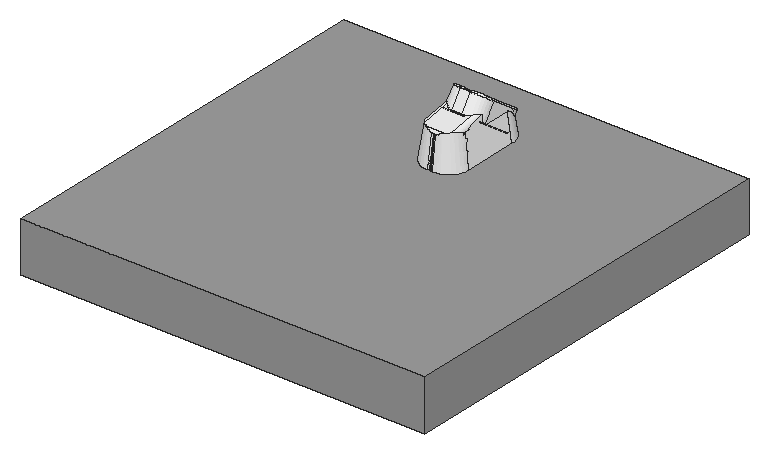
Revit family
Parameters
  Width = 275 mm  # constant formula
  Waste Connection Radius = Waste Connection Diameter / 2  # 27.5 mm
  Waste Connection = 1 = 1  # yes
  Vent Connection = 1 = 0  # no
  URL = "www.vaalsan.co.za"
  Product Code = "705126/705127"
  Omniclass Title = "Urinals"
  Omniclass Number = "23.45.05.21.11.21"
  Model = "Sweetpea Top/Back Inlet Wall Hung Bowl Urinal"
  Manufacturer = "Vaal Sanitaryware"  # constant formula
  Depth = 310 mm  # constant formula
  Height Top To Finish Floor = 912 mm
  Height = 565 mm  # constant formula
  HW Connection = 1 = 0  # no
  Family created by = "www.revitbuilt.com"
  Default Elevation = 0 mm
  Cold Water Connection Diameter = 40 mm  # constant formula
  Waste Connection Diameter = 55 mm  # constant formula
  CW Connection Radius = Cold Water Connection Diameter / 2  # 20 mm
  CW Connection = 1 = 1  # yes
  Body Finish = Vitreous China-Vaal-White
  Assembly Code = "D2010210"
Reference planes
  plane 1 "FF": y = 0
  plane 2: z = 0
  plane 3 "Center (Left/Right)": x = 0
  plane 4: z = 0
  plane 5 "Top": y = 912
  plane 6 "45 2": through (-1219.2, -1219.2, 0) normal (-0.5, -0.5, 0.7071)
  plane 7 "Bottom": y = 347
  plane 8: x = -137.5
  plane 9: x = 137.5
Forms (mm)
  Extrusion 1, solid
    sketch origin (0, 0, 0) x (1, 0, 0) y (0, 1, 0)
      loop
        line (-1219.2, 1219.2) -> (-1219.2, -1219.2) -> (1219.2, -1219.2) -> (1219.2, 1219.2) -> (-1219.2, 1219.2)
    from 0 to -304.8
  Extrusion 2, void
    sketch origin (0, 912, 0) x (0, 0, 1) y (-1, 0, 0)
      loop
        circle (45, 0) r 20
    from 5 to 10
  Extrusion 3, void
    sketch origin (0, 0, 0) x (1, 0, 0) y (0, 1, 0)
      loop
        circle (0, 825) r 20
    from 0 to 5
Lines and regions (mm)
  symbolic lines, style "Urinal"
    curve 1: line (-137.5, 0, 0) -> (137.5, 0, 0)
Dimensions and locks
  "Height Top To Finish Floor": plane 1 "FF" to plane 5 "Top"
  locked: connector elem to plane 3 "Center (Left/Right)" at 0  (x3)
  locked: connector elem to level at 45
  equal spacing: plane 8, plane 3 "Center (Left/Right)", plane 9
  locked: plane 8 to plane 9 at 275
  locked: plane 7 "Bottom" to plane 5 "Top" at 565
  locked: plane 7 "Bottom" to Extrusion 3 sketch curve at 478
  locked: plane 7 "Bottom" to connector elem at 133
  locked: plane 7 "Bottom" to connector elem at 478
  aligned and locked: plane 2 to Extrusion 1
  aligned and locked: level to Extrusion 1
  aligned and locked: nested 1 to plane 4
  aligned and locked: nested 1 to plane 7 "Bottom"
  aligned and locked: plane 8 to curve 1
  aligned and locked: plane 1 "FF" to curve 1
Automatic sketch dimensions
  Extrusion 1 sketch curve to Extrusion 1 sketch curve = 2438.4 mm  (x2)
  Extrusion 2 sketch curve to plane 3 "Center (Left/Right)" = 0 mm
  level to Extrusion 2 sketch curve = 45 mm
  Extrusion 3 sketch curve to plane 3 "Center (Left/Right)" = 0 mm
  curve 1 to plane 9 = 0 mm
  radius of Extrusion 2 sketch curve = 20 mm
  radius of Extrusion 3 sketch curve = 20 mm
Nested families
  nested 1: "Vaal-Sweetpea" at (0, 0, 0) x (1, 0, 0) z (0, 1, 0), type "Vaal-Sweetpea"
Connectors
  piping at (0, 907, 45), driven by "CW Connection Radius"
    settings: on Extrusion 2, index 3
  piping at (0, 480, 0), driven by "Waste Connection Radius"
    settings: on Extrusion 3, index 4
  piping at (0, 825, 0), driven by "CW Connection Radius"
    settings: on Extrusion 3, index 5
Definition of nested family "Vaal-Sweetpea"
  Parameters
    Waste Connection Radius = 27.5 mm
    Height Top to Finish Floor = 912 mm
    Default Elevation = 0 mm
    CW Connection Radius = 20 mm
    Body Finish = Vitreous China-Vaal-White
  Reference planes
    plane 1 "Back": y = 0
    plane 2 "Bottom": z = 0
    plane 3 "Center (Left/Right)": x = 0
    plane 4 "Front": y = -310
    plane 5 "Right": x = 137.5
    plane 6 "Left": x = -137.5
    plane 7 "Top": z = 912
    plane 8: z = 347
    plane 9: z = 627
    plane 10 "S": y = -115
    plane 11 "D2": y = -150
    plane 12 "D": y = -190
  Forms (mm)
    Extrusion 1, solid, material "Vitreous China-Vaal-White" <- "Body Finish"
      sketch origin (0, 0, 0) x (1, 0, 0) y (0, 0, 1)
        loop
          line (-137.5, 912) -> (-137.5, 347) -> (137.5, 347) -> (137.5, 912) -> (-137.5, 912)
      from 0 to 310
    SweptBlend 2, void
      path origin (0, 0, 0) x (0, 1, 0) y (0, 0, 1)
        loop
          line (0, 629.5) -> (-310, 629.5)
      profile origin (0, 0, 629.5) x (0, 0, -1) y (1, 0, 0)
        loop
          line (-282.5, -17.5) -> (-282.5, 17.5)
          arc (-282.5, 17.5) -> (-247.353, 102.353) -> (-162.5, 137.5) r 120
          line (-162.5, 137.5) -> (162.5, 137.5)
          arc (162.5, 137.5) -> (247.353, 102.353) -> (282.5, 17.5) r 120
          line (282.5, 17.5) -> (282.5, 2) -> (302.5, 2) -> (302.5, 157.5) -> (-302.5, 157.5) -> (-302.5, -157.5) -> (302.5, -157.5) -> (302.5, -2) -> (282.5, -2) -> (282.5, -17.5)
          arc (282.5, -17.5) -> (247.353, -102.353) -> (162.5, -137.5) r 120
          line (162.5, -137.5) -> (-162.5, -137.5)
          arc (-162.5, -137.5) -> (-247.353, -102.353) -> (-282.5, -17.5) r 120
      end profile origin (0, -310, 629.5) x (0, 0, -1) y (1, 0, 0)
        loop
          line (-302.5, 157.5) -> (-302.5, -157.5) -> (302.5, -157.5) -> (302.5, -2) -> (237.5, -2) -> (237.5, -7.5)
          arc (237.5, -7.5) -> (212.604, -67.604) -> (152.5, -92.5) r 85
          line (152.5, -92.5) -> (-157.5, -92.5)
          arc (-157.5, -92.5) -> (-217.604, -67.604) -> (-242.5, -7.5) r 85
          line (-242.5, -7.5) -> (-242.5, 7.5)
          arc (-242.5, 7.5) -> (-217.604, 67.604) -> (-157.5, 92.5) r 85
          line (-157.5, 92.5) -> (152.5, 92.5)
          arc (152.5, 92.5) -> (212.604, 67.604) -> (237.5, 7.5) r 85
          line (237.5, 7.5) -> (237.5, 2) -> (302.5, 2) -> (302.5, 157.5) -> (-302.5, 157.5)
    Extrusion 3, void
      sketch origin (0, 0, 0) x (0, 1, 0) y (0, 0, 1)
        loop
          line (-109.444, 901.171) -> (-284.179, 875.599) -> (-320, 875.599) -> (-320, 337.912) -> (45.759, 284.775) -> (53.633, 338.974) -> (-183.799, 373.468)
          arc (-183.799, 373.468) -> (-194.88, 378.935) -> (-200.634, 389.87) r 20
          line (-200.634, 389.87) -> (-240.518, 621.758) -> (-287.598, 655.963) -> (-109.444, 901.171)
      from 500 to -500
    Sweep 4, solid, material "Vitreous China-Vaal-White" <- "Body Finish"
      path origin (0, -120.28, 886.256) x (0, -0.587785, -0.809017) y (1, 0, 0)
        loop
          line (-7.229, 30) -> (-7.229, -30)
          arc (-7.229, -30) -> (13.273, -79.497) -> (62.771, -100) r 70
          line (62.771, -100) -> (252.771, -100)
          arc (252.771, -100) -> (302.268, -79.497) -> (322.771, -30) r 70
          line (322.771, -30) -> (322.771, 30)
          arc (322.771, 30) -> (302.268, 79.497) -> (252.771, 100) r 70
          line (252.771, 100) -> (62.771, 100)
          arc (62.771, 100) -> (13.273, 79.497) -> (-7.229, 30) r 70
      profile origin (0, -116.031, 892.105) x (0, -0.587785, -0.809017) y (0, -0.809017, 0.587785)
        loop
          arc (0, 0) -> (-6.5, 6.5) -> (-13, 0) r 6.5
          line (-13, 0) -> (-13, -117.937) -> (28.082, -117.937)
          arc (28.082, -117.937) -> (7.117, -60.617) -> (0, 0) r 261.696
    Extrusion 5, void
      sketch origin (0, -222.458, 516.757) x (0, 0.985529, 0.169509) y (1, 0, 0)
        loop
          arc (0, 80) -> (8.787, 101.213) -> (30, 110) r 30
          line (30, 110) -> (-15, 110) -> (-15, -110) -> (30, -110)
          arc (30, -110) -> (8.787, -101.213) -> (0, -80) r 30
          line (0, -80) -> (0, 80)
      from 107.591 to -109.563
    Sweep 6, void
      path origin (0, -120.28, 886.256) x (0, -0.587785, -0.809017) y (1, 0, 0)
        loop
          line (-7.229, 30) -> (-7.229, -30)
          arc (-7.229, -30) -> (13.273, -79.497) -> (62.771, -100) r 70
          line (62.771, -100) -> (252.771, -100)
          arc (252.771, -100) -> (302.268, -79.497) -> (322.771, -30) r 70
          line (322.771, -30) -> (322.771, 30)
          arc (322.771, 30) -> (302.268, 79.497) -> (252.771, 100) r 70
          line (252.771, 100) -> (62.771, 100)
          arc (62.771, 100) -> (13.273, 79.497) -> (-7.229, 30) r 70
      profile origin (0, -116.031, 892.105) x (0, -0.587785, -0.809017) y (0, -0.809017, 0.587785)
        loop
          arc (0, 0) -> (11.2, -75.742) -> (43.843, -145) r 261.696
          line (43.843, -145) -> (50, -145) -> (50, 0) -> (0, 0)
    Extrusion 7, void
      sketch origin (0, -115, 893.524) x (0, -0.587785, -0.809017) y (1, 0, 0)
        loop
          arc (261.754, -53) -> (278.017, -46.263) -> (284.754, -30) r 23
          line (284.754, -30) -> (284.754, 30)
          arc (284.754, 30) -> (278.017, 46.263) -> (261.754, 53) r 23
          line (261.754, 53) -> (71.754, 53)
          arc (71.754, 53) -> (55.49, 46.263) -> (48.754, 30) r 23
          line (48.754, 30) -> (48.754, -30)
          arc (48.754, -30) -> (55.49, -46.263) -> (71.754, -53) r 23
          line (71.754, -53) -> (261.754, -53)
      from 0 to -144.726
    Extrusion 8, solid, material "Vitreous China-Vaal-White" <- "Body Finish"
      sketch origin (0, 0, 0) x (1, 0, 0) y (0, 0, 1)
        loop
          line (20, 893.524) -> (-20, 893.524)
          arc (-20, 893.524) -> (-76.569, 870.092) -> (-100, 813.524) r 80
          line (-100, 813.524) -> (-100, 657)
          arc (-100, 657) -> (-76.569, 600.431) -> (-20, 577) r 80
          line (-20, 577) -> (20, 577)
          arc (20, 577) -> (76.569, 600.431) -> (100, 657) r 80
          line (100, 657) -> (100, 813.524)
          arc (100, 813.524) -> (76.569, 870.092) -> (20, 893.524) r 80
      from 198.081 to 89.555
    Extrusion 9, void
      sketch origin (0, 0, 0) x (0, 1, 0) y (0, 0, 1)
        loop
          line (-115, 893.524) -> (-198.081, 893.524) -> (-198.081, 689.854) -> (-130.279, 783.176)
          arc (-130.279, 783.176) -> (-118.915, 805.477) -> (-115, 830.199) r 80
          line (-115, 830.199) -> (-115, 893.524)
      from -101 to 101
    Extrusion 10, void
      sketch origin (0, 0, 0) x (1, 0, 0) y (0, 1, 0)
        loop
          line (-94.5, -231.712) -> (94.5, -231.712) -> (94.5, -215.581)
          arc (94.5, -215.581) -> (0, -121.081) -> (-94.5, -215.581) r 94.5
          line (-94.5, -215.581) -> (-94.5, -231.712)
      from 577 to 823.508
    Revolve 11, solid, material "Vitreous China-Vaal-White" <- "Body Finish"
      sketch origin (0, -190, 16.549) x (1, 0, 0) y (0, 0, 1)
        loop
          line (0, 572.922) -> (0, 567.921)
          arc (0, 567.921) -> (50.83, 572.604) -> (99.473, 588.078) r 236.675
          arc (99.473, 588.078) -> (100.749, 591.375) -> (97.452, 592.651) r 2.5
          arc (97.452, 592.651) -> (49.797, 577.497) -> (0, 572.922) r 231.675
        axis (0, 592.651) -> (0, 567.921)
      angle from 0 to 360
    Extrusion 12, solid, material "Chrome"
      sketch origin (0, -115, 0) x (1, 0, 0) y (0, 0, 1)
        loop
          line (17.5, 832.249) -> (7.249, 842.5) -> (-7.249, 842.5) -> (-17.5, 832.249) -> (-17.5, 817.751) -> (-7.249, 807.5) -> (7.249, 807.5) -> (17.5, 817.751) -> (17.5, 832.249)
      from 0 to 10
    Blend 13, solid, material "Chrome"
      base sketch origin (0, -115, 0) x (1, 0, 0) y (0, 0, 1)
        loop
          line (7.249, 842.5) -> (-7.249, 842.5) -> (-17.5, 832.249) -> (-17.5, 817.751) -> (-7.249, 807.5) -> (7.249, 807.5) -> (17.5, 817.751) -> (17.5, 832.249) -> (7.249, 842.5)
      top sketch origin (0, -115, 0) x (1, 0, 0) y (0, 0, 1)
        loop
          line (-4.763, 836.5) -> (-11.5, 829.763) -> (-11.5, 820.237) -> (-4.763, 813.5) -> (4.763, 813.5) -> (11.5, 820.237) -> (11.5, 829.763) -> (4.763, 836.5) -> (-4.763, 836.5)
      from 10 to 17.5
    Revolve 14, solid, material "Chrome"
      sketch origin (0, 2.563, 10.868) x (0, 1, 0) y (0, 0, 1)
        loop
          line (-190, 585.103) -> (-190, 586.104) -> (-221.182, 584.861) -> (-221.84, 581.132) -> (-220.855, 580.958) -> (-220.338, 583.893) -> (-190, 585.103)
        axis (-190, 580.958) -> (-190, 586.104)
      angle from 0 to 360
    Extrusion 15, void
      sketch origin (0, 0, 0) x (1, 0, 0) y (0, 1, 0)
        loop
          arc (3.766, -159.507) -> (0.095, -159.254) -> (-3.577, -159.482) r 28.182
          line (-3.577, -159.482) -> (-1.619, -174.354)
          arc (-1.619, -174.354) -> (0.095, -174.254) -> (1.808, -174.379) r 13.182
          line (1.808, -174.379) -> (3.766, -159.507)
        loop
          arc (-3.591, -215.389) -> (0.095, -215.619) -> (3.78, -215.365) r 28.182
          line (3.78, -215.365) -> (1.822, -200.493)
          arc (1.822, -200.493) -> (0.095, -200.619) -> (-1.634, -200.518) r 13.182
          line (-1.634, -200.518) -> (-3.591, -215.389)
        loop
          line (-27.947, -191.074) -> (-13.075, -189.116)
          arc (-13.075, -189.116) -> (-13.182, -187.383) -> (-13.061, -185.65) r 13.182
          line (-13.061, -185.65) -> (-27.933, -183.692)
          arc (-27.933, -183.692) -> (-28.182, -187.383) -> (-27.947, -191.074) r 28.182
        loop
          arc (-17.122, -209.821) -> (-14.043, -211.871) -> (-10.722, -213.5) r 28.182
          line (-10.722, -213.5) -> (-4.982, -199.641)
          arc (-4.982, -199.641) -> (-6.543, -198.881) -> (-7.991, -197.921) r 13.182
          line (-7.991, -197.921) -> (-17.122, -209.821)
        loop
          arc (22.42, -204.512) -> (24.454, -201.446) -> (26.07, -198.141) r 28.182
          line (26.07, -198.141) -> (12.212, -192.401)
          arc (12.212, -192.401) -> (11.463, -193.946) -> (10.52, -195.381) r 13.182
          line (10.52, -195.381) -> (22.42, -204.512)
        loop
          arc (-26.042, -198.209) -> (-24.406, -201.529) -> (-22.349, -204.605) r 28.182
          line (-22.349, -204.605) -> (-10.449, -195.474)
          arc (-10.449, -195.474) -> (-11.416, -194.029) -> (-12.184, -192.469) r 13.182
          line (-12.184, -192.469) -> (-26.042, -198.209)
        loop
          arc (-10.684, -161.358) -> (-13.997, -162.975) -> (-17.07, -165.012) r 28.182
          line (-17.07, -165.012) -> (-7.938, -176.912)
          arc (-7.938, -176.912) -> (-6.496, -175.966) -> (-4.944, -175.216) r 13.182
          line (-4.944, -175.216) -> (-10.684, -161.358)
        loop
          arc (27.95, -191.049) -> (28.182, -187.383) -> (27.936, -183.717) r 28.182
          line (27.936, -183.717) -> (13.064, -185.675)
          arc (13.064, -185.675) -> (13.182, -187.383) -> (13.078, -189.091) r 13.182
          line (13.078, -189.091) -> (27.95, -191.049)
        loop
          line (5.146, -199.573) -> (10.886, -213.432)
          arc (10.886, -213.432) -> (14.186, -211.789) -> (17.243, -209.729) r 28.182
          line (17.243, -209.729) -> (8.111, -197.828)
          arc (8.111, -197.828) -> (6.686, -198.798) -> (5.146, -199.573) r 13.182
        loop
          arc (10.468, -179.424) -> (11.417, -180.846) -> (12.174, -182.379) r 13.182
          line (12.174, -182.379) -> (26.032, -176.639)
          arc (26.032, -176.639) -> (24.407, -173.346) -> (22.368, -170.292) r 28.182
          line (22.368, -170.292) -> (10.468, -179.424)
        loop
          line (8.059, -177.004) -> (17.19, -165.104)
          arc (17.19, -165.104) -> (14.139, -163.058) -> (10.847, -161.425) r 28.182
          line (10.847, -161.425) -> (5.107, -175.284)
          arc (5.107, -175.284) -> (6.639, -176.048) -> (8.059, -177.004) r 13.182
        loop
          line (-10.396, -179.331) -> (-22.297, -170.2)
          arc (-22.297, -170.2) -> (-24.36, -173.264) -> (-26.004, -176.571) r 28.182
          line (-26.004, -176.571) -> (-12.146, -182.312)
          arc (-12.146, -182.312) -> (-11.369, -180.764) -> (-10.396, -179.331) r 13.182
      from 590 to 600
  Cuts and joins
    SweptBlend 2, Extrusion 3, Extrusion 5, Sweep 6, Extrusion 7, Extrusion 9 cuts Extrusion 1
    Extrusion 9, Extrusion 10 cuts Extrusion 8
    joined: Extrusion 12, Blend 13
    Extrusion 15 cuts Revolve 14
  Lines and regions (mm)
    Masking region 1
      outline origin (0, 0, 0) x (1, 0, 0) y (0, 1, 0)
        loop
          arc (-137.5, 0) -> (-124.989, -132.728) -> (-99.088, -263.504) r 1313.552
          arc (-99.088, -263.504) -> (-73.493, -297.207) -> (-33.152, -310) r 70
          line (-33.152, -310) -> (33.152, -310)
          arc (33.152, -310) -> (73.493, -297.207) -> (99.088, -263.504) r 70
          arc (99.088, -263.504) -> (124.989, -132.728) -> (137.5, 0) r 1313.552
          line (137.5, 0) -> (-137.5, 0)
    Masking region 2
      outline origin (0, 0, 0) x (1, 0, 0) y (0, 0, 1)
        loop
          arc (-27.5, 912) -> (-105.282, 879.782) -> (-137.5, 802) r 110
          line (-137.5, 802) -> (-137.5, 457)
          arc (-137.5, 457) -> (-105.282, 379.218) -> (-27.5, 347) r 110
          line (-27.5, 347) -> (27.5, 347)
          arc (27.5, 347) -> (105.282, 379.218) -> (137.5, 457) r 110
          line (137.5, 457) -> (137.5, 802)
          arc (137.5, 802) -> (105.282, 879.782) -> (27.5, 912) r 110
          line (27.5, 912) -> (-27.5, 912)
    Masking region 3
      outline origin (0, 0, 0) x (0, 1, 0) y (0, 0, 1)
        loop
          line (0, 912) -> (-99.255, 899.193)
          arc (-99.255, 899.193) -> (-110.722, 895.241) -> (-119.687, 887.073) r 30
          line (-119.687, 887.073) -> (-309.776, 625.437)
          arc (-309.776, 625.437) -> (-311.563, 617.995) -> (-307.564, 611.469) r 10
          line (-307.564, 611.469) -> (-238.777, 561.492)
          arc (-238.777, 561.492) -> (-230.849, 552.925) -> (-226.79, 541.98) r 30
          line (-226.79, 541.98) -> (-203.628, 397.815)
          arc (-203.628, 397.815) -> (-195.06, 381.2) -> (-178.317, 372.885) r 30
          line (-178.317, 372.885) -> (0, 347) -> (0, 912)
    reference lines
      curve 1: line (0, -115, 893.524) -> (0, -310, 625.129)
    symbolic lines, style "Urinal"
      curve 2: line (-99.268, -175, 0) -> (-99.268, -250, 0)
      curve 3: line (39.268, -115, 0) -> (-39.268, -115, 0)
      curve 4: line (99.268, -175, 0) -> (99.268, -250, 0)
      curve 5: arc (-93.954, -274.687, 0) -> (-97.924, -262.626, 0) -> (-99.268, -250, 0) r 60
      curve 6: arc (99.268, -175, 0) -> (81.694, -132.574, 0) -> (39.268, -115, 0) r 60
      curve 7: arc (-39.268, -115, 0) -> (-81.694, -132.574, 0) -> (-99.268, -175, 0) r 60
      curve 8: arc (93.954, -274.687, 0) -> (97.924, -262.626, 0) -> (99.268, -250, 0) r 60
      curve 9: line (-86.768, -162.5, 0) -> (-86.768, -250, 0)
      curve 10: arc (-39.268, -115, 0) -> (-72.855, -128.912, 0) -> (-86.768, -162.5, 0) r 47.5
      curve 11: arc (-39.268, -297.5, 0) -> (-72.855, -283.588, 0) -> (-86.768, -250, 0) r 47.5
      curve 12: line (86.768, -162.5, 0) -> (86.768, -250, 0)
      curve 13: arc (39.268, -115, 0) -> (72.855, -128.912, 0) -> (86.768, -162.5, 0) r 47.5
      curve 14: arc (39.268, -297.5, 0) -> (72.855, -283.588, 0) -> (86.768, -250, 0) r 47.5
      curve 15: line (-39.268, -297.5, 0) -> (39.268, -297.5, 0)
      curve 18: line (33, -115, 893.524) -> (-33, -115, 893.524)
      curve 19: line (-33, -115, 612.439) -> (33, -115, 612.439)
      curve 20: line (-113, -115, 813.524) -> (-113, -115, 692.439)
      curve 21: line (113, -115, 813.524) -> (113, -115, 692.439)
      curve 22: arc (-33, -115, 893.524) -> (-89.569, -115, 870.092) -> (-113, -115, 813.524) r 80
      curve 23: arc (-33, -115, 612.439) -> (-89.569, -115, 635.87) -> (-113, -115, 692.439) r 80
      curve 24: arc (33, -115, 893.524) -> (89.569, -115, 870.092) -> (113, -115, 813.524) r 80
      curve 25: arc (113, -115, 692.439) -> (89.569, -115, 635.87) -> (33, -115, 612.439) r 80
      curve 26: arc (-33, -115, 624.939) -> (-78.962, -115, 643.977) -> (-98, -115, 689.939) r 65
      curve 27: line (-98, -115, 817.274) -> (-98, -115, 689.939)
      curve 28: arc (-33, -115, 882.274) -> (-78.962, -115, 863.236) -> (-98, -115, 817.274) r 65
      curve 29: arc (33, -115, 882.274) -> (78.962, -115, 863.236) -> (98, -115, 817.274) r 65
      curve 30: line (98, -115, 817.274) -> (98, -115, 689.939)
      curve 31: arc (98, -115, 689.939) -> (78.962, -115, 643.977) -> (33, -115, 624.939) r 65
      curve 32: line (-33, -115, 624.939) -> (33, -115, 624.939)
    symbolic lines, style "Urinal", detail levels fine
      curve 16: circle (0, -150, 0) r 35 normal (0, 0, 1)
      curve 17: circle (0, -150, 0) r 23 normal (0, 0, 1)
      curve 33: line (-33, -115, 542.439) -> (33, -115, 542.439)
      curve 34: line (-113, -115, 662.439) -> (-113, -115, 622.439)
      curve 35: line (113, -115, 662.439) -> (113, -115, 622.439)
      curve 36: arc (-33, -115, 542.439) -> (-89.569, -115, 565.87) -> (-113, -115, 622.439) r 80
      curve 37: arc (113, -115, 622.439) -> (89.569, -115, 565.87) -> (33, -115, 542.439) r 80
      curve 38: circle (0, -115, 825) r 17.5 normal (0, -1, 0)
    symbolic lines, style "Fixing"
      curve 39: line (100, 0, 725) -> (60, 0, 725)
      curve 40: line (80, 0, 705) -> (80, 0, 745)
      curve 43: line (-100, 0, 725) -> (-60, 0, 725)
      curve 44: line (-80, 0, 705) -> (-80, 0, 745)
      curve 45: line (0, 40.293, 725) -> (0, -39.707, 725)
    symbolic lines, style "PlumbingFixturesHiddenLines", not visible
      curve 41: line (303.258, 0, 731.76) -> (263.258, 0, 731.76)
      curve 42: line (283.258, 0, 711.76) -> (283.258, 0, 751.76)
  Dimensions and locks
    locked: plane 4 "Front" to plane 1 "Back" at 310
    equal spacing: plane 6 "Left", plane 3 "Center (Left/Right)", plane 5 "Right"
    locked: plane 6 "Left" to plane 5 "Right" at 275
    "Height Top to Finish Floor": plane 7 "Top" to plane 2 "Bottom"
    locked: plane 7 "Top" to plane 9 at 285
    locked: plane 10 "S" to plane 1 "Back" at 115
    locked: plane 7 "Top" to plane 8 at 565
    plane 12 "D" to plane 11 "D2" to plane 10 "S" = 40 mm locked, 35 mm locked
    locked: plane 3 "Center (Left/Right)" to connector elem  (x2)
    locked: connector elem to plane 3 "Center (Left/Right)" at 0
    locked: plane 7 "Top" to connector elem at 87
    locked: plane 1 "Back" to connector elem at 45
    locked: plane 7 "Top" to connector elem at 432
    locked: curve 39 to plane 7 "Top" at 187
    locked: plane 7 "Top" to curve 45 at 187
    aligned and locked: plane 6 "Left" to Extrusion 1 sketch curve
    aligned and locked: Extrusion 1 sketch curve to plane 7 "Top"
    aligned and locked: plane 8 to Extrusion 1 sketch curve
    aligned and locked: Extrusion 1 sketch curve to plane 5 "Right"
    aligned and locked: plane 4 "Front" to Extrusion 1
    aligned and locked: Extrusion 1 to plane 1 "Back"
    aligned and locked: Extrusion 1 to SweptBlend 2 sketch curve  (x2)
    aligned and locked: SweptBlend 2 sketch curve to plane 7 "Top"
    aligned and locked: SweptBlend 2 sketch curve to plane 5 "Right"
    aligned and locked: plane 6 "Left" to SweptBlend 2 sketch curve
    aligned and locked: plane 8 to SweptBlend 2 sketch curve
    aligned and locked: Masking region 2 sketch curve to plane 7 "Top"
    aligned and locked: Masking region 2 sketch curve to plane 5 "Right"
    aligned and locked: plane 7 "Top" to Masking region 3 sketch curve
    aligned and locked: plane 8 to Masking region 3 sketch curve
    aligned and locked: Masking region 3 sketch curve to plane 1 "Back"
    aligned and locked: curve 43 to curve 39
  Automatic sketch dimensions
    curve 1 to plane 4 "Front" = 0 mm
    curve 1 to plane 10 "S" = 0 mm
    curve 1 to plane 9 = 1.871 mm
    curve 1 to plane 7 "Top" = 18.476 mm
    Sweep 4 sketch curve to curve 1 = 0 mm
    Sweep 4 sketch curve to curve 1 = 30 mm
    curve 1 to Sweep 4 sketch curve = 30 mm  (x2)
    Sweep 4 sketch curve to curve 1 = 70 mm
    Sweep 4 sketch curve to Sweep 4 sketch curve = 0 mm  (x2)
    curve 1 to Sweep 4 sketch curve = 71.754 mm
    Extrusion 5 sketch curve to Extrusion 5 sketch curve = 30 mm  (x2)
    Sweep 6 sketch curve to curve 1 = 0 mm
    Sweep 6 sketch curve to curve 1 = 30 mm
    curve 1 to Sweep 6 sketch curve = 30 mm  (x2)
    Sweep 6 sketch curve to curve 1 = 70 mm
    Sweep 6 sketch curve to Sweep 6 sketch curve = 0 mm  (x2)
    curve 1 to Sweep 6 sketch curve = 71.754 mm
    plane 6 "Left" to Extrusion 8 sketch curve = 37.5 mm
    Extrusion 8 sketch curve to plane 9 = 50 mm
    Extrusion 8 sketch curve to plane 3 "Center (Left/Right)" = 20 mm  (x2)
    plane 3 "Center (Left/Right)" to Extrusion 8 sketch curve = 20 mm  (x2)
    Extrusion 8 sketch curve to plane 5 "Right" = 37.5 mm
    Extrusion 8 sketch curve to plane 7 "Top" = 98.476 mm
    Extrusion 9 sketch curve to plane 10 "S" = 0 mm
    plane 10 "S" to Extrusion 9 sketch curve = 15.279 mm
    plane 11 "D2" to Extrusion 9 sketch curve = 45 mm
    Extrusion 9 sketch curve to plane 7 "Top" = 18.476 mm
    plane 11 "D2" to Extrusion 9 sketch curve = 48.081 mm
    Extrusion 9 sketch curve to Extrusion 9 sketch curve = 63.325 mm
    plane 9 to Extrusion 9 sketch curve = 62.854 mm
    Sweep 4 sketch curve to profile plane = 0 mm  (x3)
    Sweep 4 sketch curve to Sweep 4 sketch curve = 6.5 mm
    Sweep 4 sketch curve to profile plane = 28.082 mm
    Sweep 4 sketch curve to Sweep 4 sketch curve = 233.615 mm
    Blend 13 sketch curve to plane 3 "Center (Left/Right)" = 7.249 mm  (x2)
    plane 3 "Center (Left/Right)" to Blend 13 sketch curve = 7.249 mm  (x2)
    Blend 13 sketch curve to Blend 13 sketch curve = 10.251 mm  (x5)
    Blend 13 sketch curve to plane 3 "Center (Left/Right)" = 4.763 mm  (x2)
    Blend 13 sketch curve to Blend 13 sketch curve = 6.737 mm  (x5)
    plane 3 "Center (Left/Right)" to Blend 13 sketch curve = 4.763 mm  (x2)
    Sweep 6 sketch curve to profile plane = 0 mm  (x2)
    Sweep 6 sketch curve to profile plane = 43.843 mm
    Sweep 6 sketch curve to Sweep 6 sketch curve = 6.157 mm
    Sweep 6 sketch curve to Sweep 6 sketch curve = 211.696 mm
    Extrusion 10 sketch curve to plane 3 "Center (Left/Right)" = 0 mm
    plane 6 "Left" to Extrusion 10 sketch curve = 43 mm
    plane 12 "D" to Extrusion 10 sketch curve = 41.712 mm
    plane 12 "D" to Extrusion 10 sketch curve = 25.581 mm
    Extrusion 15 sketch curve to Extrusion 15 sketch curve = 0 mm  (x552)
    Extrusion 15 sketch curve to plane 3 "Center (Left/Right)" = 0 mm
    Extrusion 15 sketch curve to plane 3 "Center (Left/Right)" = 1.619 mm
    Extrusion 15 sketch curve to plane 3 "Center (Left/Right)" = 1.634 mm
    Extrusion 15 sketch curve to plane 3 "Center (Left/Right)" = 3.577 mm
    Extrusion 15 sketch curve to plane 3 "Center (Left/Right)" = 3.591 mm
    Extrusion 15 sketch curve to Extrusion 15 sketch curve = 3.324 mm  (x2)
    Extrusion 15 sketch curve to Extrusion 15 sketch curve = 3.349 mm
    Extrusion 15 sketch curve to Extrusion 15 sketch curve = 2.995 mm
    Extrusion 15 sketch curve to Extrusion 15 sketch curve = 3.009 mm
    Extrusion 15 sketch curve to Extrusion 15 sketch curve = 2.458 mm  (x2)
    Extrusion 15 sketch curve to Extrusion 15 sketch curve = 7.107 mm
    Extrusion 15 sketch curve to Extrusion 15 sketch curve = 7.131 mm
    Extrusion 15 sketch curve to plane 12 "D" = 7.688 mm
    Extrusion 15 sketch curve to Extrusion 15 sketch curve = 1.749 mm
    plane 12 "D" to Extrusion 15 sketch curve = 2.469 mm
    Extrusion 15 sketch curve to Extrusion 15 sketch curve = 1.735 mm
    Extrusion 15 sketch curve to plane 12 "D" = 4.35 mm
    Extrusion 15 sketch curve to Extrusion 15 sketch curve = 0.915 mm
    Extrusion 15 sketch curve to plane 12 "D" = 0.884 mm
    Extrusion 15 sketch curve to Extrusion 15 sketch curve = 0.014 mm  (x3)
    Extrusion 15 sketch curve to Extrusion 15 sketch curve = 6.386 mm
    Extrusion 15 sketch curve to Extrusion 15 sketch curve = 6.4 mm
    Extrusion 15 sketch curve to Extrusion 15 sketch curve = 5.227 mm  (x2)
    Extrusion 15 sketch curve to plane 12 "D" = 13.429 mm
    Extrusion 15 sketch curve to Extrusion 15 sketch curve = 3.707 mm
    plane 12 "D" to Extrusion 15 sketch curve = 8.209 mm
    Extrusion 15 sketch curve to Extrusion 15 sketch curve = 3.693 mm
    Extrusion 15 sketch curve to Extrusion 15 sketch curve = 1.929 mm
    plane 12 "D" to Extrusion 15 sketch curve = 1.074 mm
    plane 3 "Center (Left/Right)" to Extrusion 15 sketch curve = 1.808 mm
    plane 3 "Center (Left/Right)" to Extrusion 15 sketch curve = 1.822 mm
    plane 3 "Center (Left/Right)" to Extrusion 15 sketch curve = 3.766 mm
    plane 3 "Center (Left/Right)" to Extrusion 15 sketch curve = 3.78 mm
    Extrusion 15 sketch curve to Extrusion 15 sketch curve = 3.299 mm
    Extrusion 15 sketch curve to Extrusion 15 sketch curve = 2.952 mm
    Extrusion 15 sketch curve to Extrusion 15 sketch curve = 2.966 mm
    Extrusion 15 sketch curve to Extrusion 15 sketch curve = 2.409 mm  (x2)
    Extrusion 15 sketch curve to Extrusion 15 sketch curve = 7.082 mm
    Extrusion 15 sketch curve to Extrusion 15 sketch curve = 7.106 mm
    Extrusion 15 sketch curve to Extrusion 15 sketch curve = 1.706 mm
    Extrusion 15 sketch curve to Extrusion 15 sketch curve = 1.692 mm
    Extrusion 15 sketch curve to plane 12 "D" = 4.325 mm
    Extrusion 15 sketch curve to Extrusion 15 sketch curve = 0.89 mm
    Extrusion 15 sketch curve to plane 12 "D" = 0.909 mm
    Extrusion 15 sketch curve to Extrusion 15 sketch curve = 6.343 mm
    Extrusion 15 sketch curve to Extrusion 15 sketch curve = 6.357 mm
    Extrusion 15 sketch curve to Extrusion 15 sketch curve = 5.177 mm  (x2)
    Extrusion 15 sketch curve to Extrusion 15 sketch curve = 3.664 mm
    Extrusion 15 sketch curve to Extrusion 15 sketch curve = 3.65 mm
    Extrusion 15 sketch curve to Extrusion 15 sketch curve = 1.904 mm
    plane 12 "D" to Extrusion 15 sketch curve = 1.049 mm
    plane 12 "D" to Extrusion 15 sketch curve = 19.729 mm
    Extrusion 15 sketch curve to Extrusion 15 sketch curve = 5.216 mm  (x2)
    Extrusion 15 sketch curve to Extrusion 15 sketch curve = 1.933 mm
    Extrusion 15 sketch curve to Extrusion 15 sketch curve = 5.044 mm
    Extrusion 15 sketch curve to Extrusion 15 sketch curve = 0.876 mm
    Extrusion 15 sketch curve to Extrusion 15 sketch curve = 0.919 mm
    Extrusion 15 sketch curve to Extrusion 15 sketch curve = 2.447 mm
    Extrusion 15 sketch curve to Extrusion 15 sketch curve = 3.296 mm
    Extrusion 15 sketch curve to Extrusion 15 sketch curve = 2.419 mm  (x2)
    Extrusion 15 sketch curve to Extrusion 15 sketch curve = 7.078 mm
    Extrusion 15 sketch curve to Extrusion 15 sketch curve = 0.905 mm
    Extrusion 15 sketch curve to Extrusion 15 sketch curve = 5.188 mm  (x2)
    Extrusion 15 sketch curve to Extrusion 15 sketch curve = 1.919 mm
    plane 12 "D" to Revolve 14 sketch curve = 29.277 mm
    Revolve 14 sketch curve to Revolve 14 sketch curve = 0.657 mm
    Revolve 14 sketch curve to Revolve 14 sketch curve = 0.845 mm
    Revolve 14 sketch curve to plane 12 "D" = 2.563 mm  (x2)
    Revolve 14 sketch curve to Revolve 14 sketch curve = 0.174 mm
    Revolve 14 sketch curve to Revolve 14 sketch curve = 13.103 mm
    Revolve 14 sketch curve to Revolve 14 sketch curve = 0.967 mm
    Revolve 14 sketch curve to Revolve 14 sketch curve = 10.896 mm
    Revolve 14 sketch curve to Revolve 14 sketch curve = 1.001 mm
    Revolve 11 sketch curve to Revolve 11 sketch curve = 0 mm  (x5)
    Revolve 11 sketch curve to plane 3 "Center (Left/Right)" = 0 mm
    plane 3 "Center (Left/Right)" to Revolve 11 sketch curve = 3.827 mm
    plane 3 "Center (Left/Right)" to Revolve 11 sketch curve = 0 mm
    Revolve 11 sketch curve to plane 9 = 17.799 mm
    Revolve 11 sketch curve to plane 5 "Right" = 40.048 mm
    Revolve 11 sketch curve to Revolve 11 sketch curve = 1.01 mm
    Revolve 11 sketch curve to plane 9 = 7.725 mm
    curve 5 to curve 11 = 0 mm  (x2)
    curve 8 to curve 14 = 0 mm  (x2)
    curve 16 to curve 17 = 0 mm  (x2)
    curve 3 to plane 10 "S" = 0 mm
    curve 16 to plane 3 "Center (Left/Right)" = 0 mm
    curve 16 to plane 11 "D2" = 0 mm
    plane 11 "D2" to curve 10 = 12.5 mm
    curve 10 to plane 3 "Center (Left/Right)" = 39.268 mm
    curve 11 to plane 3 "Center (Left/Right)" = 39.268 mm
    curve 5 to curve 11 = 7.186 mm
    curve 2 to plane 12 "D" = 15 mm
    plane 3 "Center (Left/Right)" to curve 8 = 39.268 mm
    plane 3 "Center (Left/Right)" to curve 6 = 39.268 mm
    plane 11 "D2" to curve 13 = 12.5 mm
    curve 12 to curve 8 = 7.186 mm
    curve 4 to plane 12 "D" = 15 mm
    curve 15 to plane 4 "Front" = 12.5 mm
    plane 9 to SweptBlend 2 sketch curve = 2.5 mm
    SweptBlend 2 sketch curve to SweptBlend 2 sketch curve = 20 mm  (x4)
    SweptBlend 2 sketch curve to plane 3 "Center (Left/Right)" = 17.5 mm  (x2)
    SweptBlend 2 sketch curve to SweptBlend 2 sketch curve = 140 mm
    SweptBlend 2 sketch curve to profile plane = 162.5 mm
    SweptBlend 2 sketch curve to SweptBlend 2 sketch curve = 0 mm  (x5)
    SweptBlend 2 sketch curve to plane 3 "Center (Left/Right)" = 2 mm  (x2)
    plane 3 "Center (Left/Right)" to SweptBlend 2 sketch curve = 2 mm  (x2)
    profile plane to SweptBlend 2 sketch curve = 302.5 mm
    SweptBlend 2 sketch curve to plane 3 "Center (Left/Right)" = 7.5 mm  (x2)
    SweptBlend 2 sketch curve to SweptBlend 2 sketch curve = 60 mm
    SweptBlend 2 sketch curve to SweptBlend 2 sketch curve = 85 mm
    SweptBlend 2 sketch curve to plane 3 "Center (Left/Right)" = 92.5 mm
    plane 3 "Center (Left/Right)" to SweptBlend 2 sketch curve = 92.5 mm
    SweptBlend 2 sketch curve to profile plane = 152.5 mm
    SweptBlend 2 sketch curve to SweptBlend 2 sketch curve = 65 mm
    SweptBlend 2 sketch curve to SweptBlend 2 sketch curve = 155.5 mm
    plane 3 "Center (Left/Right)" to SweptBlend 2 sketch curve = 157.5 mm
    plane 4 "Front" to Extrusion 3 sketch curve = 10 mm
    Extrusion 3 sketch curve to plane 4 "Front" = 22.402 mm
    Extrusion 3 sketch curve to plane 4 "Front" = 25.821 mm
    Extrusion 3 sketch curve to plane 9 = 5.242 mm
    plane 12 "D" to Extrusion 3 sketch curve = 50.518 mm
    plane 12 "D" to Extrusion 3 sketch curve = 10.634 mm
    Extrusion 3 sketch curve to plane 12 "D" = 6.201 mm
    Extrusion 3 sketch curve to plane 12 "D" = 9.076 mm
    Extrusion 3 sketch curve to plane 10 "S" = 5.556 mm
    Extrusion 3 sketch curve to plane 1 "Back" = 45.759 mm
    Extrusion 3 sketch curve to plane 8 = 8.026 mm
    Extrusion 3 sketch curve to plane 1 "Back" = 53.633 mm
    Extrusion 3 sketch curve to plane 8 = 9.088 mm
    Extrusion 3 sketch curve to Extrusion 3 sketch curve = 16.402 mm
    Extrusion 3 sketch curve to Extrusion 3 sketch curve = 34.205 mm
    Extrusion 3 sketch curve to plane 7 "Top" = 36.401 mm
    Extrusion 7 sketch curve to Extrusion 3 = 58.206 mm
    Extrusion 7 sketch curve to Extrusion 7 sketch curve = 23 mm  (x2)
    Extrusion 7 sketch curve to Extrusion 3 = 31.887 mm  (x2)
    Extrusion 7 sketch curve to Extrusion 3 = 8.887 mm
    Extrusion 3 to Extrusion 7 sketch curve = 447 mm
    Extrusion 7 sketch curve to Extrusion 7 sketch curve = 60 mm
    Masking region 1 sketch curve to plane 1 "Back" = 0 mm
    Masking region 1 sketch curve to plane 6 "Left" = 0 mm
    Masking region 1 sketch curve to plane 4 "Front" = 0 mm
    Masking region 1 sketch curve to plane 5 "Right" = 0 mm
    Masking region 1 sketch curve to plane 1 "Back" = 56.75 mm  (x2)
    Masking region 1 sketch curve to plane 6 "Left" = 1037.326 mm
    plane 6 "Left" to Masking region 1 sketch curve = 38.412 mm
    Masking region 1 sketch curve to plane 3 "Center (Left/Right)" = 33.152 mm
    plane 3 "Center (Left/Right)" to Masking region 1 sketch curve = 33.152 mm
    Masking region 1 sketch curve to plane 4 "Front" = 46.496 mm
    plane 5 "Right" to Masking region 1 sketch curve = 1037.326 mm
    curve 38 to plane 3 "Center (Left/Right)" = 0 mm
    curve 28 to plane 3 "Center (Left/Right)" = 33 mm
    curve 23 to plane 9 = 14.561 mm
    curve 23 to plane 3 "Center (Left/Right)" = 33 mm
    curve 18 to curve 28 = 0 mm
    curve 26 to plane 9 = 2.061 mm
    curve 26 to curve 19 = 0 mm
    curve 33 to plane 3 "Center (Left/Right)" = 33 mm
    plane 6 "Left" to curve 28 = 39.5 mm
    plane 6 "Left" to curve 34 = 24.5 mm
    curve 22 to curve 27 = 15 mm
    plane 3 "Center (Left/Right)" to curve 25 = 33 mm
    plane 3 "Center (Left/Right)" to curve 37 = 33 mm
    plane 3 "Center (Left/Right)" to curve 29 = 33 mm
    curve 24 to curve 29 = 0 mm
    curve 31 to curve 25 = 0 mm
    curve 30 to plane 5 "Right" = 39.5 mm
    curve 35 to plane 9 = 4.561 mm
    curve 35 to plane 5 "Right" = 24.5 mm
    curve 34 to curve 23 = 30 mm
    curve 35 to curve 21 = 30 mm
    Masking region 2 sketch curve to plane 6 "Left" = 0 mm
    Masking region 2 sketch curve to plane 8 = 0 mm
    Masking region 2 sketch curve to plane 3 "Center (Left/Right)" = 27.5 mm  (x2)
    plane 3 "Center (Left/Right)" to Masking region 2 sketch curve = 27.5 mm  (x2)
    Masking region 3 sketch curve to plane 10 "S" = 19.584 mm
    Masking region 3 sketch curve to plane 10 "S" = 15.745 mm
    plane 10 "S" to Masking region 3 sketch curve = 4.687 mm
    Masking region 3 sketch curve to plane 12 "D" = 15.992 mm
    Masking region 3 sketch curve to plane 12 "D" = 11.683 mm
    plane 12 "D" to Masking region 3 sketch curve = 13.628 mm
    plane 12 "D" to Masking region 3 sketch curve = 36.79 mm
    Masking region 3 sketch curve to Masking region 3 sketch curve = 11.987 mm
    Masking region 3 sketch curve to Masking region 3 sketch curve = 17.634 mm
    Masking region 3 sketch curve to plane 4 "Front" = 8.314 mm
    Masking region 3 sketch curve to plane 4 "Front" = 2.436 mm
    Masking region 3 sketch curve to plane 4 "Front" = 0.224 mm
    plane 8 to Masking region 3 sketch curve = 25.885 mm
    Masking region 3 sketch curve to Masking region 3 sketch curve = 24.93 mm
    Masking region 3 sketch curve to Masking region 3 sketch curve = 24.271 mm
    Masking region 3 sketch curve to plane 9 = 15.531 mm
    Masking region 3 sketch curve to plane 9 = 7.441 mm
    Masking region 3 sketch curve to plane 7 "Top" = 42.56 mm
    Masking region 3 sketch curve to plane 7 "Top" = 24.927 mm
    Extrusion 5 sketch curve to plane 5 "Right" = 27.5 mm
    Extrusion 5 sketch curve to Extrusion 5 sketch curve = 15 mm
    plane 6 "Left" to Extrusion 5 sketch curve = 57.5 mm
    Blend 13 sketch curve to plane 7 "Top" = 104.5 mm
    Blend 13 sketch curve to Blend 13 sketch curve = 14.497 mm  (x2)
    Blend 13 sketch curve to plane 7 "Top" = 98.5 mm
    Blend 13 sketch curve to Blend 13 sketch curve = 9.527 mm  (x2)
    curve 29 to curve 21 = 15 mm
    curve 22 to plane 7 "Top" = 98.476 mm
    curve 21 to curve 29 = 3.75 mm
    curve 22 to curve 27 = 3.75 mm
    curve 28 to curve 38 = 7.726 mm
    Revolve 11 sketch curve to Revolve 11 sketch curve = 2.287 mm
    Revolve 11 sketch curve to Revolve 11 sketch curve = 4.804 mm
    Revolve 14 sketch curve to plane 9 = 44.132 mm
    Revolve 14 sketch curve to Revolve 14 sketch curve = 4.145 mm
    Masking region 3 sketch curve to plane 9 = 89.779 mm
    plane 1 "Back" to curve 45 = 39.707 mm
    curve 45 to plane 1 "Back" = 40.293 mm
    plane 6 "Left" to curve 43 = 37.5 mm
    curve 43 to curve 44 = 20 mm  (x2)
    curve 44 to curve 43 = 20 mm  (x2)
    plane 3 "Center (Left/Right)" to curve 39 = 60 mm
    curve 39 to curve 40 = 20 mm  (x2)
    curve 40 to curve 39 = 20 mm  (x2)
    plane 9 to curve 40 = 78 mm
    plane 9 to curve 44 = 78 mm
    radius of curve 16 = 35 mm
    radius of curve 17 = 23 mm
    radius of curve 38 = 17.5 mm
  Connectors
    piping at (0, 0, 480), driven by "Waste Connection Radius"
      settings: on Extrusion 1, index 1
    piping at (0, 0, 825), driven by "CW Connection Radius"
      settings: on Extrusion 1, index 2
    piping at (0, -45, 912), driven by "CW Connection Radius"
      settings: index 3
